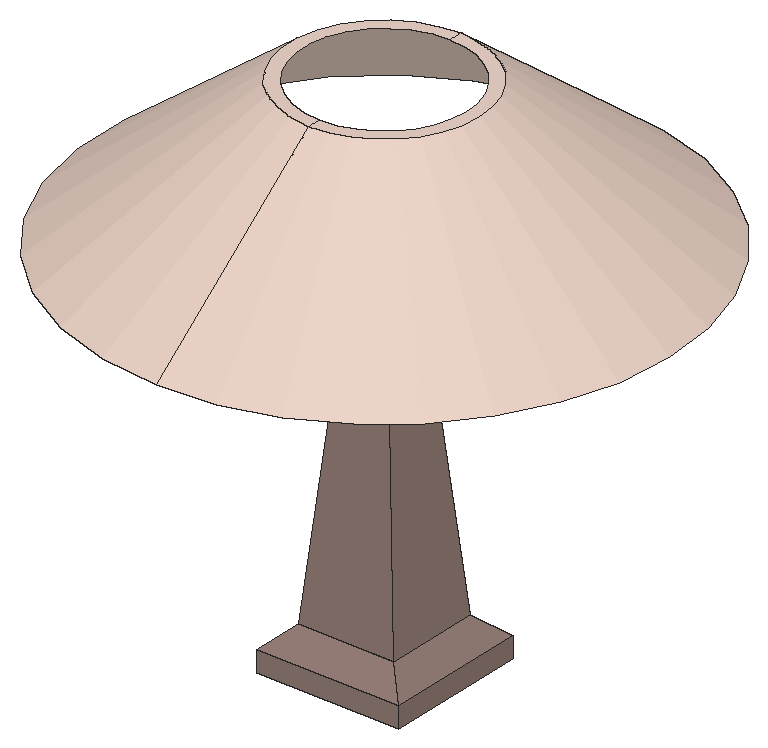
Revit family
Parameters
  Wattage = 12.1178 W
  built-in parameter 1150110 = 1 (stored number, unit not read)
  built-in parameter 1114217 = 1 (stored number, unit not read)
  built-in parameter 1150109 = 1 (stored number, unit not read)
  built-in parameter 1150134 = 3
  built-in parameter 1150113 = 1 (stored number, unit not read)
  built-in parameter 1150105 = 143.24 (stored number, unit not read)
  Lumens = 1800 lm
  Material Shade = Fabric Shade - Beige, texture
  Material Base = Metal - Bronze
  built-in parameter 1150115 = 1 (stored number, unit not read)
  Light Source Symbol Size = 609.6 mm
  built-in parameter 1150137 = (empty or 0)
  built-in parameter 1150139 = (empty or 0)
  built-in parameter 1150112 = 1 (stored number, unit not read)
  built-in parameter 1150114 = 1 (stored number, unit not read)
  Keynote = "V"
  built-in parameter 1150132 = 2
  built-in parameter 1150102 = (empty or 0)
  built-in parameter 1150107 = 3200 (stored number, unit not read)
  built-in parameter 1150138 = (empty or 0)
  built-in parameter 1150106 = 1.4324 (stored number, unit not read)
  built-in parameter 1150104 = 13.8 (stored number, unit not read)
  Dimming Lamp Color Temperature Shift = (empty or 0)
  Color Filter = 16777215
  built-in parameter 1114218 = 1 (stored number, unit not read)
  built-in parameter 1150133 = 10 (stored number, unit not read)
  Assembly Code = "D5020220"
Reference planes
  plane 1 "Light Source Axis (F/B)": y = 0
  plane 2: z = 0
  plane 3 "Light Source Axis (L/R)": x = 0
  plane 4 "Light Source Elevation": z = 453.128
  plane 5 "Bottom of shade": z = 402.328
Forms (mm)
  Sweep 1, solid, material "Fabric Shade - Beige, texture" <- "Material Shade"
    path origin (0, 0, 402.328) x (0, -1, 0) y (1, 0, 0)
      loop
        circle (0, 0) r 304.8
    profile origin (0, 0, 0) x (1, 0, 0) y (0, 0, 1)
      loop
        line (304.8, 402.328) -> (101.609, 561.078) -> (87.505, 561.078) -> (290.696, 402.328) -> (304.8, 402.328)
  Blend 2, solid, material "Metal - Bronze" <- "Material Base"
    base sketch origin (0, 0, 402.328) x (0, -1, 0) y (1, 0, 0)
      loop
        line (76.2, 76.2) -> (-76.2, 76.2) -> (-76.2, -76.2) -> (76.2, -76.2) -> (76.2, 76.2)
    top sketch origin (0, 0, 402.328) x (0, -1, 0) y (1, 0, 0)
      loop
        line (-50.8, -50.8) -> (50.8, -50.8) -> (50.8, 50.8) -> (-50.8, 50.8) -> (-50.8, -50.8)
    from -380.868 to -358.326
  Blend 3, solid, material "Metal - Bronze" <- "Material Base"
    base sketch origin (0, 0, 402.328) x (0, -1, 0) y (1, 0, 0)
      loop
        line (-50.8, -50.8) -> (50.8, -50.8) -> (50.8, 50.8) -> (-50.8, 50.8) -> (-50.8, -50.8)
    top sketch origin (0, 0, 402.328) x (0, -1, 0) y (1, 0, 0)
      loop
        line (16.771, 15.972) -> (-14.979, 15.972) -> (-14.979, -15.778) -> (16.771, -15.778) -> (16.771, 15.972)
    from -358.326 to 25.4
  Extrusion 4, solid, material "Metal - Bronze" <- "Material Base"
    sketch origin (0, 0, 402.328) x (0, -1, 0) y (1, 0, 0)
      loop
        line (-76.2, -76.2) -> (76.2, -76.2) -> (76.2, 76.2) -> (-76.2, 76.2) -> (-76.2, -76.2)
    from -402.328 to -380.868
Dimensions and locks
  aligned and locked: plane 3 "Light Source Axis (L/R)" to imposter light
  aligned and locked: plane 1 "Light Source Axis (F/B)" to imposter light
  aligned and locked: plane 4 "Light Source Elevation" to imposter light
